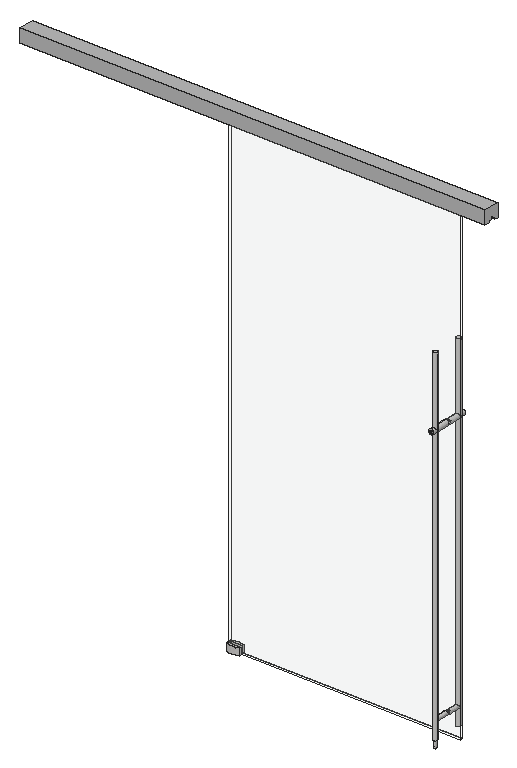
Revit family "Doors_Sliding_Avanti_Systems_Polaris-Auto-Magnetic-Slider_Single-Soffit-Mount-Sgl-Glazed", category Doors, Revit 2026
Family settings
  Classification Number = 23.30.10.00
  Always vertical = Yes
  Cut with Voids When Loaded = No
  Shared = No
  Room Calculation Point = No
Parameters (values of type "Load Family Type Catalog")
  Youtube clip = ""
  Weight Net (Kg) = "0"
  Warranty = "1 year"  # constant formula
  Uniformat II Description = "Interior Doors"
  Uniformat II Code = "C1020"
  Uniclass 2015 Name = "Sliding door and partition sets"
  Uniclass 2015 Code = "Pr_30_59_24_80"
  Uniclass 2.0 Description = "Sliding Door And Partition Sets"
  Uniclass 2.0 Code = "PR-59-23-77"
  Uniclass 1.4 Description = "Doors"
  Uniclass 1.4 Code = "JL20"
  URL = "https://www.avantisystemsusa.com"
  UNSPSC Code = "30171501"
  Type = 1
  Thickness = if(Type = 1, 1/2", if(Type = 2, 3/8", if(Type = 3, 7/16", if(Type = 4, 9/16", 3/4"))))  # 1/2"
  Technical description = ""
  Stainless Steel Finish = "Yes"  # constant formula
  Sound Rating = 0
  Region South America = "All"
  Region Oceania = "All"
  Region North America = "All"
  Region Middle East = "All"
  Region Europe = "All"
  Region Asia = "All"
  Region Antarctica = "All"
  Region Africa = "All"
  Rail material [instance] = Polyester powder - Avanti - White aluminium METALLIC - RAL9006
  Rail Length [instance] = (Opening Width * 2) + 6 5/16"  # 80 5/16"
  QR code = "http://bimobject.com/avantisystems/product/avanti-polaris-auto-magnetic-slider"
  Product url = "https://www.avantisystemsusa.com/glass-products/doors/sliding-doors/automatic-doors/"
  Product group = "Automatic Doors"
  Product family = "Sliding Doors"
  Product data url = "https://bimobject.com/avantisystems/product/avanti-polaris-auto-magnetic-slider"
  Product certification = ""
  Product SKU = "avanti-polaris-auto-magnetic-slider"
  Product Guid = "5e847812-9909-4e74-9d64-870bde1c5a5f"
  Power = 110 V  # constant formula
  Opening Width [instance] = 37"
  OmniClass Description = "Sliding All Glass Doors"
  OmniClass Code = "23-17 11 23 13"
  Nominal width = 0"
  Nominal height = 0"
  NBS Reference Description = "Sliding Door And Partition Sets"
  NBS Reference Code = "59-23-77"
  Model = "Polaris™ Auto Magnetic Slider"  # constant formula
  Material secondary = "Aluminium"
  Material main = "Glass"
  Masterformat 2014 Description = "Sliding Aluminum-Framed Glass Doors"
  Masterformat 2014 Code = "08 32 13"
  Manufacturer name = "Avanti Systems"
  Manufacturer country = ""
  Manufacturer = "Avanti Systems USA"  # constant formula
  Lock = "Thumb turn floor lock with a key"
  Ladder Pull Height [instance] = 18"
  LEED compatibility = "LEED 2009 (v3): MRc3, MRc4, MRc5, MRc7, EQc4.2, EQc8.1 and EQc8.2. LEED v4: MRc1, MRc3, MRc4, MRc8, EQc2, EQc7 and EQc8."  # constant formula
  Installation instructions = ""
  IFC Classification = "Door"
  Hardware material [instance] = Stainless Steel - Avanti- Brushed Finish
  Handle type [instance] = Handle : 60" Ladder Pull
  Glazing = "Safety Glazing SGCC"
  Glass Width [instance] = 40"
  Glass Material = Glass - Avanti - Laminated Glass
  Glass Marker = yes
  Glass Height [instance] = 83.56029"
  Gap Thickness = if(Type = 1, (1 1/4" + 31/128"), if(Type = 2, (1 39/128" + 1/4"), if(Type = 3, (1 35/128" + 1/4"), if(Type = 4, (1 27/128" + 1/4"), (1 15/128" + 1/4")))))  # 1 63/128"
  Function = Interior
  Edition number = 1
  EAN code = ""
  Design country = "United States"
  Description = "The newset innovation in modern interior office entryway design."  # constant formula
  Date of publishing = ""
  Clear Anodic Finish = "ASTM B221 (ASTM B221M)"  # constant formula
  COBIe Type Category = ""
  Brand url = "http://www.avantisystemsusa.com/"
  BIMobject main category code = "doors"
  BIMobject main category = "Doors"
  BIMobject category code = "doors-sliding"
  BIMobject category = "Sliding"
  Analytic Construction = "<None>"
Reference planes (in)
  plane 1 "Center (Front/Back)": y = 0
  plane 2: z = 0
  plane 3 "Center (Left/Right)": x = 3.24894
  plane 4: x = -15.25106
  plane 5: x = 21.74894
  plane 6 "Top": z = 84.14172
  plane 7 "Curtain_wall_center": y = 0
  plane 8 "Curtain_wall_exterior": y = 0.25
  plane 9 "Curtain_wall_interior": y = -0.25
  plane 10 "Doors_exterior": y = 2.24219
  plane 11 "Doors_center": y = 1.99219
  plane 12 "Doors_interior": y = 1.74219
  plane 13 "Door_offset_left": x = -16.75106
  plane 14 "Door_offset_right": x = 23.24894
  plane 15 "Door_offset_top": z = 83.7122
  plane 16 "Handle_placement_top": z = 18
  plane 17 "Handle_placement_level": x = 20.74894
  plane 18: x = -14.76823
  plane 19: z = 0.15191
  plane 20: x = -51.87606
  plane 21: x = 28.43644
  plane 22: z = 51.72792
  plane 23: z = 84.69252
Forms (in)
  Extrusion 1, solid, material "Glass - Avanti - Laminated Glass" <- "Glass Material"
    sketch origin (0, 0, 0) x (1, 0, 0) y (0, 1, 0)
      loop
        line (-16.75106, 2.24219) -> (-16.75106, 1.74219) -> (23.24894, 1.74219) -> (23.24894, 2.24219) -> (-16.75106, 2.24219)
    from 0.15191 to 83.7122
  Extrusion 2, solid, material "Stainless Steel - Avanti- Brushed Finish" <- "Hardware material"
    sketch origin (0, 0, 0) x (1, 0, 0) y (0, 1, 0)
      loop
        arc (-17.01409, 1.47625) -> (-15.89116, 1.27392) -> (-14.76823, 1.47625) r 3.2173
        line (-14.76823, 1.47625) -> (-14.76823, 2.50813)
        arc (-14.76823, 2.50813) -> (-15.89116, 2.73765) -> (-17.01409, 2.50813) r 2.86168
        line (-17.01409, 2.50813) -> (-17.01409, 1.47625)
    from 0 to 1.21575
  Extrusion 3, void
    sketch origin (3.24894, 0, 0) x (0, 1, 0) y (0, 0, 1)
      loop
        line (2.24219, 1.21575) -> (1.74219, 1.21575) -> (1.74219, 0.15191) -> (2.24219, 0.15191) -> (2.24219, 1.21575)
    from -20.26303 to -18.01717
  Sweep 4, solid, material "Polyester powder - Avanti - White aluminium METALLIC - RAL9006" <- "Rail material"
    path origin (0, 0, 11.63779) x (1, 0, 0) y (0, 0, 1)
      loop
        line (28.43644, 71.5) -> (-51.87606, 71.5)
    profile origin (-11.71981, 0, 83.13779) x (0, 0, -1) y (0, -1, 0)
      loop
        line (0.76842, -0.49855) -> (-1.55473, -0.49855) -> (-1.55473, -3.25446) -> (0.76842, -3.25446) -> (0.76842, -2.6639) -> (0.37471, -2.6639) -> (0.37471, -2.24219) -> (0, -2.24219) -> (0, -1.74219) -> (0.41408, -1.74219) -> (0.41408, -1.46705) -> (0.76842, -1.46705) -> (0.76842, -0.49855)
Cuts and joins
  Extrusion 3 cuts Extrusion 2
Lines and regions (in)
  symbolic lines, style "0"
    curve 1: line (-17.01409, 1.47625, 0) -> (-17.01409, 2.50813, 0)
    curve 2: line (-14.76823, 1.47625, 0) -> (-14.76823, 2.50813, 0)
    curve 3: circle (-16.75106, 1.99219, 0) r 0.22256 normal (0, 0, 1)
    curve 4: circle (-16.75106, 1.99219, 0) r 0.13151 normal (0, 0, 1)
    curve 5: circle (-15.03126, 1.99219, 0) r 0.22256 normal (0, 0, 1)
    curve 6: circle (-15.03126, 1.99219, 0) r 0.13151 normal (0, 0, 1)
    curve 7: arc (-15.42624, 1.61788, 0) -> (-15.29429, 1.99219, 0) -> (-15.42624, 2.3665, 0) r 0.59687
    curve 8: arc (-16.35608, 2.3665, 0) -> (-16.48803, 1.99219, 0) -> (-16.35608, 1.61788, 0) r 0.59687
    curve 9: line (-14.76823, 2.3665, 0) -> (-17.01409, 2.3665, 0)
    curve 10: line (-14.76823, 1.61788, 0) -> (-17.01409, 1.61788, 0)
    curve 21: arc (-14.76823, 1.47625, 0) -> (-15.89116, 1.27392, 0) -> (-17.01409, 1.47625, 0) r 3.2173
    curve 35: line (-14.76823, 1.74219, 0) -> (23.24894, 1.74219, 0)
    curve 36: line (23.24894, 1.74219, 0) -> (23.24894, 2.24219, 0)
    curve 37: line (-14.76823, 2.24219, 0) -> (23.24894, 2.24219, 0)
    curve 38: line (3.24894, 2.24219, 0.15191) -> (3.24894, 2.24219, 83.7122)
    curve 39: line (3.24894, 1.74219, 0.15191) -> (3.24894, 2.24219, 0.15191)
    curve 40: line (3.24894, 1.74219, 83.7122) -> (3.24894, 1.74219, 0.15191)
    curve 41: arc (-14.76823, 2.50813, 0) -> (-15.89116, 2.71046, 0) -> (-17.01409, 2.50813, 0) r 3.2173
  symbolic lines, style "0", not visible
    curve 11: line (-11.39483, 5.69093, 0) -> (-11.39483, 4.65905, 0)
    curve 12: line (-13.64069, 5.69093, 0) -> (-13.64069, 4.65905, 0)
    curve 13: circle (-11.65786, 5.17499, 0) r 0.22256 normal (0, 0, 1)
    curve 14: circle (-11.65786, 5.17499, 0) r 0.13151 normal (0, 0, 1)
    curve 15: circle (-13.37767, 5.17499, 0) r 0.22256 normal (0, 0, 1)
    curve 16: circle (-13.37767, 5.17499, 0) r 0.13151 normal (0, 0, 1)
    curve 17: arc (-12.98268, 5.5493, 0) -> (-13.11464, 5.17499, 0) -> (-12.98268, 4.80068, 0) r 0.59687
    curve 18: arc (-12.05285, 4.80068, 0) -> (-11.92089, 5.17499, 0) -> (-12.05285, 5.5493, 0) r 0.59687
    curve 19: line (-13.64069, 4.80068, 0) -> (-11.39483, 4.80068, 0)
    curve 20: line (-13.64069, 5.5493, 0) -> (-11.39483, 5.5493, 0)
    curve 22: arc (-13.64069, 5.69093, 0) -> (-12.51776, 5.89326, 0) -> (-11.39483, 5.69093, 0) r 3.2173
    curve 42: arc (-13.64069, 4.65905, 0) -> (-12.51776, 4.45672, 0) -> (-11.39483, 4.65905, 0) r 3.2173
    curve 43: line (-16.88257, 1.99219, 84.14172) -> (-16.61954, 1.99219, 84.14172)
    curve 44: line (-11.52635, 5.17499, 84.14172) -> (-11.78938, 5.17499, 84.14172)
  symbolic lines, style "0", detail levels medium+fine
    curve 23: circle (20.74894, 4.5161, 0) r 0.39445 normal (0, 0, 1)
    curve 24: line (20.43894, 4.27219, 0) -> (20.43894, 2.24219, 0)
    curve 25: line (21.06195, 4.27606, 0) -> (21.06195, 2.24219, 0)
    curve 26: circle (20.74894, -0.53172, 0) r 0.39445 normal (0, 0, -1)
    curve 27: line (20.43894, -0.28782, 0) -> (20.43894, 1.74219, 0)
    curve 28: line (21.06195, -0.29169, 0) -> (21.06195, 1.74219, 0)
  symbolic lines, style "0", not visible, detail levels medium+fine
    curve 29: circle (20.74894, 4.89891, 0) r 0.39445 normal (0, 0, 1)
    curve 30: line (20.43894, 4.65501, 0) -> (20.43894, 2.625, 0)
    curve 31: line (21.06195, 4.65887, 0) -> (21.06195, 2.625, 0)
    curve 32: circle (20.74894, -0.14891, 0) r 0.39445 normal (0, 0, -1)
    curve 33: line (20.43894, 0.09499, 0) -> (20.43894, 2.125, 0)
    curve 34: line (21.06195, 0.09113, 0) -> (21.06195, 2.125, 0)
  symbolic lines, visible <- "Glass Marker"
    curve 45: line (0.42051, -0.24998, 48.8995) -> (6.07737, -0.24998, 54.55635)
    curve 46: line (3.24894, -0.24998, 49.87997) -> (5.0969, -0.24998, 51.72792)
    curve 47: line (1.40098, -0.24998, 51.72792) -> (3.24894, -0.24998, 53.57588)
  symbolic lines, not visible
    curve 48: line (1.40098, 0.25002, 51.72792) -> (5.0969, 0.25002, 51.72792)
    curve 53: line (-1.84534, 0.25002, 22.66367) -> (1.85057, 0.25002, 22.66367)
  model lines, not visible
    curve 49: line (3.24894, 0.25002, 49.87997) -> (3.24894, 0.25002, 53.57588)
    curve 54: line (0.00262, 0.25002, 20.81572) -> (0.00262, 0.25002, 24.51163)
  symbolic lines, visible <- "Glass Marker", not visible
    curve 50: line (-2.82581, -0.24998, 19.83525) -> (2.83104, -0.24998, 25.4921)
    curve 51: line (0.00262, -0.24998, 20.81572) -> (1.85057, -0.24998, 22.66367)
    curve 52: line (-1.84534, -0.24998, 22.66367) -> (0.00262, -0.24998, 24.51163)
Text (in)
  text "Exterior" at (-45.72835, 31.38743, 0), in view "Ref. Level"
Dimensions and locks (in)
  equal spacing: plane 4, plane 3 "Center (Left/Right)", plane 5  (x2)
  equal spacing: plane 8 "Curtain_wall_exterior", plane 7 "Curtain_wall_center", plane 9 "Curtain_wall_interior"
  equal spacing: plane 10 "Doors_exterior", plane 11 "Doors_center", plane 12 "Doors_interior"
  "Gap Thickness": plane 12 "Doors_interior" to plane 8 "Curtain_wall_exterior"
  locked: plane 5 to plane 14 "Door_offset_right" at 1.5
  locked: plane 13 "Door_offset_left" to plane 4 at 1.5
  "Thickness": plane 10 "Doors_exterior" to plane 12 "Doors_interior"
  "Thickness": plane 8 "Curtain_wall_exterior" to plane 9 "Curtain_wall_interior"
  "Ladder Pull Height": plane 2 to plane 16 "Handle_placement_top"
  locked: plane 17 "Handle_placement_level" to plane 14 "Door_offset_right" at 2.5
  equal spacing: plane 13 "Door_offset_left", plane 3 "Center (Left/Right)", plane 14 "Door_offset_right"
  "Opening Width": plane 4 to plane 5
  locked: plane 4 to plane 18 at 0.48283
  locked: plane 17 "Handle_placement_level" to curve 25 at 0.31301
  locked: plane 17 "Handle_placement_level" to curve 28 at 0.31301
  Extrusion 1 to Extrusion 1 = 1/2"
  locked: plane 5 to plane 21 at 6.6875
  "Rail Length": plane 20 to plane 21
  plane 10 "Doors_exterior" to plane 12 "Doors_interior" = 1/2"
  locked: nested 3 to curve 48 at 7
  locked: plane 2 to plane 19 at 0.15191
  "Glass Height": plane 19 to plane 15 "Door_offset_top"
  "Glass Width": plane 13 "Door_offset_left" to plane 14 "Door_offset_right"
  plane 15 "Door_offset_top" to plane 6 "Top" to plane 23 = 0.42951" locked, 141/256" locked
  aligned and locked: level to plane 2
  aligned and locked: Extrusion 1 sketch curve to plane 10 "Doors_exterior"
  aligned and locked: Extrusion 1 sketch curve to plane 13 "Door_offset_left"
  aligned and locked: plane 12 "Doors_interior" to Extrusion 1 sketch curve
  aligned and locked: plane 14 "Door_offset_right" to Extrusion 1 sketch curve
  aligned and locked: plane 15 "Door_offset_top" to Extrusion 1
  aligned and locked: plane 10 "Doors_exterior" to curve 25
  aligned and locked: plane 10 "Doors_exterior" to curve 24
  aligned and locked: plane 12 "Doors_interior" to curve 28
  aligned and locked: plane 12 "Doors_interior" to curve 27
  aligned and locked: plane 10 "Doors_exterior" to Extrusion 3 sketch curve
  aligned and locked: Extrusion 3 sketch curve to plane 12 "Doors_interior"
  aligned and locked: Extrusion 2 to Extrusion 3 sketch curve
  aligned and locked: curve 38 to Extrusion 1
  aligned and locked: curve 39 to cut or joined group of Extrusion 2, Extrusion 3
  aligned and locked: curve 40 to cut or joined group of Extrusion 2, Extrusion 3
  aligned and locked: cut or joined group of Extrusion 2, Extrusion 3 to plane 2
  aligned and locked: plane 21 to Sweep 4 sketch curve
  aligned and locked: plane 20 to Sweep 4 sketch curve
  aligned and locked: Sweep 4 sketch curve to nested 1  (x4)
  aligned and locked: cut or joined group of Extrusion 2, Extrusion 3 to plane 18
  aligned and locked: plane 15 "Door_offset_top" to curve 38
  aligned and locked: plane 15 "Door_offset_top" to curve 40
  aligned and locked: curve 43 to plane 11 "Doors_center"
  aligned and locked: Extrusion 1 to cut or joined group of Extrusion 2, Extrusion 3
  aligned and locked: plane 22 to curve 48
  aligned and locked: plane 3 "Center (Left/Right)" to curve 49
  aligned and locked: plane 11 "Doors_center" to nested 1
  aligned and locked: Sweep 4 sketch curve to plane 10 "Doors_exterior"
  aligned and locked: plane 12 "Doors_interior" to Sweep 4 sketch curve
  aligned and locked: plane 3 "Center (Left/Right)" to nested 2
  aligned and locked: plane 3 "Center (Left/Right)" to nested 3
  aligned and locked: plane 19 to Extrusion 1
  aligned and locked: plane 23 to nested 1
  aligned and locked: Sweep 4 to plane 23
  aligned and locked: curve 1 to cut or joined group of Extrusion 2, Extrusion 3
  aligned and locked: plane 17 "Handle_placement_level" to nested 4
  aligned and locked: plane 2 to nested 4
  aligned and locked: plane 10 "Doors_exterior" to nested 4
Automatic sketch dimensions
  curve 35 to plane 12 "Doors_interior" = 0"
  curve 35 to plane 18 = 0"
  curve 37 to plane 10 "Doors_exterior" = 0"
  curve 37 to plane 18 = 0"
  Extrusion 2 sketch curve to plane 18 = 0"
  plane 4 to Extrusion 2 sketch curve = 0.6401"  (x2)
  plane 1 "Center (Front/Back)" to Extrusion 2 sketch curve = 0.12403"
  plane 13 "Door_offset_left" to Extrusion 2 sketch curve = 0.26303"
  Extrusion 2 sketch curve to plane 12 "Doors_interior" = 0.26594"
  plane 10 "Doors_exterior" to Extrusion 2 sketch curve = 0.26594"
  plane 10 "Doors_exterior" to Extrusion 2 sketch curve = 2.24903"
  curve 3 to curve 4 = 0"  (x4)
  curve 5 to curve 6 = 0"  (x4)
  curve 7 to curve 8 = 0"  (x4)
  curve 9 to curve 6 = 0.26303"
  curve 5 to curve 8 = 0.8599"
  curve 2 to curve 21 = 1.12293"
  curve 3 to curve 1 = 0.26303"
  curve 21 to curve 5 = 2.49903"
  curve 7 to curve 5 = 0"
  curve 4 to curve 7 = 0"
  curve 3 to curve 1 = 0.51594"
  curve 21 to curve 41 = 1.98308"
  curve 5 to curve 7 = 0.39498"  (x2)
  curve 8 to curve 3 = 0.39498"
  curve 2 to curve 5 = 0.51594"
  curve 1 to curve 3 = 0.51594"
  curve 41 to curve 9 = 0.14163"
  level to Extrusion 3 sketch curve = 0.15191"
  curve 41 to curve 8 = 0.46492"
  curve 13 to curve 14 = 0"  (x4)
  curve 15 to curve 16 = 0"  (x4)
  curve 17 to curve 18 = 0"  (x4)
  curve 19 to curve 16 = 0.26303"
  curve 15 to curve 18 = 0.8599"
  curve 12 to curve 22 = 1.12293"
  curve 13 to curve 11 = 0.26303"
  curve 22 to curve 15 = 2.49903"
  curve 17 to curve 15 = 0"
  curve 14 to curve 17 = 0"
  curve 13 to curve 11 = 0.51594"
  curve 22 to curve 42 = 1.98308"
  curve 15 to curve 17 = 0.39498"  (x2)
  curve 18 to curve 13 = 0.39498"
  curve 12 to curve 15 = 0.51594"
  curve 11 to curve 13 = 0.51594"
  curve 42 to curve 19 = 0.14163"
  curve 42 to curve 18 = 0.46492"
  Sweep 4 sketch curve to profile plane = 0"
  Sweep 4 sketch curve to Sweep 4 sketch curve = 0.39371"
  Sweep 4 sketch curve to Sweep 4 sketch curve = 0.35434"
  plane 6 "Top" to Sweep 4 sketch curve = 1 1/256"
  curve 43 to curve 43 = 0.26303"
  curve 44 to curve 44 = 0.26303"
  profile plane to Sweep 4 sketch curve = 1.55473"
  Sweep 4 sketch curve to profile plane = 0.37471"
  Sweep 4 sketch curve to profile plane = 53/128"
  curve 36 to plane 14 "Door_offset_right" = 0"
  radius of curve 3 = 0.22256"
  radius of curve 4 = 0.13151"
  radius of curve 5 = 0.22256"
  radius of curve 6 = 0.13151"
  radius of curve 13 = 0.22256"
  radius of curve 14 = 0.13151"
  radius of curve 15 = 0.22256"
  radius of curve 16 = 0.13151"
Nested families (in)
  nested 1: "Rail-Detail" at (3.24894, 1.91833, 83.51141) x (0, 1, 0) z (1, 0, 0), type "Rail-Detail"
    with Thickness 1/2", Half Thickness 1/4"
  nested 2: "Arrow" at (3.24894, 5.3665, 0), type "arrow"
  nested 3: "Arrow" at (3.24894, 0, 58.72792) x (1, 0, 0) z (0, -1, 0), type "arrow"
  nested 4: "Handle" at (22.37394, 3.61719, 38) x (-1, 0, 0) z (0, 1, 0), type <- "Handle type", type "60" Ladder Pull", detail levels medium+fine
    with Locker yes
Definition of nested family "Handle"
  Parameters (values of type "48" Ladder Pull")
    Width = 54.28299"
    Type = 3
    Ladder Pool Height = 18"
    Ladder 60" = if(Type = 5, 1 = 1, 1 = 0)  # no
    Ladder = if(Type = 3, 1 = 1, 1 = 0)  # yes
    Thickness = 1/2"
    Panic hardware = if(Type = 4, 1 = 1, 1 = 0)  # no
    Material = none
    Locker [instance] = yes
    Height = 90 9/16"
    Glass door = if(Type = 2, 1 = 1, 1 = 0)  # no
    Framed door = if(Type = 1, 1 = 1, 1 = 0)  # no
    Default Elevation = 48"
  Types (2): name | Type | Ladder 60" | Ladder
    60" Ladder Pull | 5 | yes | no
    48" Ladder Pull | 3 | no | yes
  Reference planes (in)
    plane 1 "Center (Front/Back)": y = 0
    plane 2: z = 0
    plane 3 "Center (Left/Right)": x = 0
    plane 4 "door_up": z = -1.375
    plane 5 "door_down": z = -1.875
    plane 6: z = -3.25
    plane 7: x = -1.25
    plane 8: x = -43.31449
    plane 9: x = -46.03299
    plane 10: x = -43.31449
    plane 11: y = 51.9375
    plane 12: y = 0.625
    plane 13: y = 11.125
    plane 14: y = 52.5625
    plane 15: y = -38
    plane 16: x = -50.15799
    plane 17 "door": x = 4.125
    plane 18: x = 1.625
    plane 19: y = -20
  Forms (in)
    Sweep 1, solid, material <- "Material", visible <- "Panic hardware"
      path origin (0, 0, 0) x (1, 0, 0) y (0, 1, 0)
        loop
          line (-1.25, 51.9375) -> (-1.25, 4.25)
          arc (-1.25, 4.25) -> (-2.12868, 2.12868) -> (-4.25, 1.25) r 3
          line (-4.25, 1.25) -> (-43.31449, 1.25)
      profile origin (-1.25, 28.09375, 0) x (1, 0, 0) y (0, 0, 1)
        loop
          circle (0.625, 0.625) r 0.625
    Sweep 2, solid, material <- "Material", visible <- "Panic hardware"
      path origin (0, 0, 0) x (1, 0, 0) y (0, 0, 1)
        loop
          line (-43.31449, 0) -> (-44.06449, 0)
          arc (-44.06449, 0) -> (-44.57255, -0.21044) -> (-44.78299, -0.7185) r 0.7185
          line (-44.78299, -0.7185) -> (-44.78299, -1.375)
      profile origin (-43.68949, 0, 0) x (0, 0, -1) y (0, -1, 0)
        loop
          circle (-0.625, -0.625) r 0.625
    Sweep 3, solid, material <- "Material", visible <- "Panic hardware"
      path origin (0, 0, -6.75) x (1, 0, 0) y (0, 0, -1)
        loop
          line (-43.31449, -3.5) -> (-44.06449, -3.5)
          arc (-44.06449, -3.5) -> (-44.57255, -3.71044) -> (-44.78299, -4.2185) r 0.7185
          line (-44.78299, -4.2185) -> (-44.78299, -4.875)
      profile origin (-43.68949, 0, -3.25) x (0, 0, -1) y (0, -1, 0)
        loop
          circle (0.625, -0.625) r 0.625
    Sweep 4, solid, material <- "Material", visible <- "Panic hardware"
      path origin (-30, 0, -6.75) x (-1, 0, 0) y (0, 0, -1)
        loop
          line (13.31449, -3.5) -> (-28.0315, -3.5)
          arc (-28.0315, -3.5) -> (-28.53956, -3.71044) -> (-28.75, -4.2185) r 0.7185
          line (-28.75, -4.2185) -> (-28.75, -4.875)
      profile origin (-22.6415, 0, -3.25) x (0, 0, 1) y (0, -1, 0)
        loop
          circle (-0.625, -0.625) r 0.625
  Cuts and joins
    joined: Sweep 1, Sweep 2
    joined: Sweep 3, Sweep 4
  Dimensions and locks (in)
    "Thickness": plane 5 "door_down" to plane 4 "door_up"
    locked: plane 3 "Center (Left/Right)" to plane 7 at 1.25
    locked: plane 9 to plane 8 at 2.7185
    locked: plane 9 to Sweep 3 sketch curve at 1.25
    locked: Sweep 2 sketch curve to plane 9 at 1.25
    locked: plane 10 to plane 9 at 2.7185
    locked: Sweep 1 sketch curve to plane 1 "Center (Front/Back)" at 1.25
    locked: plane 3 "Center (Left/Right)" to nested 1 at 0.125
    locked: plane 4 "door_up" to plane 2 at 1.375
    locked: plane 6 to plane 5 "door_down" at 1.375
    locked: plane 12 to plane 1 "Center (Front/Back)" at 0.625
    locked: plane 13 to plane 12 at 10.5
    locked: plane 14 to plane 11 at 0.625
    "Height": plane 14 to plane 15
    locked: plane 1 "Center (Front/Back)" to plane 15 at 38
    locked: plane 3 "Center (Left/Right)" to plane 17 "door" at 4.125
    "Width": plane 16 to plane 17 "door"
    locked: plane 16 to plane 10 at 6.8435
    locked: plane 18 to plane 17 "door" at 2.5
    "Ladder Pool Height": plane 19 to plane 15
    aligned and locked: level to plane 2
    aligned and locked: plane 4 "door_up" to cut or joined group of Sweep 1, Sweep 2
    aligned and locked: Sweep 2 sketch curve to plane 4 "door_up"
    aligned and locked: Sweep 3 sketch curve to plane 5 "door_down"
    aligned and locked: plane 6 to Sweep 3 sketch curve
    aligned and locked: plane 7 to Sweep 4 sketch curve
    aligned and locked: Sweep 4 sketch curve to plane 6
    aligned and locked: plane 8 to Sweep 4 sketch curve
    aligned and locked: plane 8 to Sweep 3 sketch curve
    aligned and locked: plane 10 to Sweep 2 sketch curve
    aligned and locked: plane 10 to Sweep 1 sketch curve
    aligned and locked: plane 11 to Sweep 1 sketch curve
    aligned and locked: plane 5 "door_down" to Sweep 4 sketch curve
    aligned and locked: nested 1 to plane 4 "door_up"
    aligned and locked: plane 13 to nested 1
    aligned and locked: nested 2 to plane 4 "door_up"
    aligned and locked: plane 3 "Center (Left/Right)" to nested 2
    aligned and locked: nested 2 to plane 11
    aligned and locked: nested 2 to plane 14
    aligned and locked: plane 18 to nested 3
    aligned and locked: plane 1 "Center (Front/Back)" to nested 3
    aligned and locked: nested 4 to plane 18
    aligned and locked: nested 4 to plane 1 "Center (Front/Back)"
    aligned and locked: nested 5 to plane 4 "door_up"
    aligned and locked: nested 5 to plane 17 "door"
    aligned and locked: nested 5 to plane 1 "Center (Front/Back)"
    aligned and locked: nested 6 to plane 4 "door_up"
    aligned and locked: plane 5 "door_down" to nested 7
    aligned and locked: nested 7 to plane 19
    aligned and locked: plane 19 to nested 6
    aligned and locked: nested 6 to plane 18
    aligned and locked: nested 7 to plane 18
    aligned and locked: plane 4 "door_up" to nested 8
    aligned and locked: plane 15 to nested 8
    aligned and locked: plane 5 "door_down" to nested 9
    aligned and locked: nested 9 to plane 15
    aligned and locked: plane 18 to nested 8
    aligned and locked: plane 18 to nested 9
  Nested families (in)
    nested 1: "Family2" at (-1.125, 11.125, 0.22234), visible <- "Panic hardware", type "Family2"
      with Lock yes
    nested 2: "Family3" at (-0.26102, 51.9375, -1.63602), visible <- "Panic hardware", type "Family3"
      with Thickness 1/2"
    nested 3: "Handle Timber" at (1.625, 0, -1.875), Locker <- "Locker", visible <- "Framed door", type "Handle Timber"
      with Locker yes
    nested 4: "Handle Timber" at (1.625, 0, -1.375) x (1, 0, 0) z (0, 0, -1), Locker <- "Locker", visible <- "Framed door", type "Handle Timber"
      with Locker yes
    nested 5: "Hinged Framed Swing locker" at (3.22214, -1.5625, -5.625), Handle and assembly material <- "Material", visible <- "Glass door", type "Hinged Framed Swing locker"
      with Handle and assembly material none
    nested 6: "Handle_For-Glass_Rounded_600mm" at (1.625, 13.36577, -1.375) x (-1, 0, 0) z (0, 0, -1), Handle Material <- "Material", visible <- "Ladder", type "Handle_For-Glass_Rounded_600mm"
      with Handle Material none, Handle Height 48"
    nested 7: "Handle_For-Glass_Rounded_600mm" at (1.625, -5.36577, -1.875) x (-1, 0, 0) z (0, 0, 1), Handle Material <- "Material", visible <- "Ladder", type "Handle_For-Glass_Rounded_600mm"
      with Handle Material none, Handle Height 48"
    nested 8: "Handle_For-Glass_Rounded_60in" at (1.625, 2.47039, -1.375), visible <- "Ladder 60"", Handle Material <- "Material", type "60""
      with No locker yes, Locker no, Handle Material none, Handle Height 60"
    nested 9: "Handle_For-Glass_Rounded_60in2" at (1.625, 2.47039, -1.875), visible <- "Ladder 60"", Handle Material <- "Material", type "60""
      with No locker no, Locker yes, Handle Material none, Handle Height 60"
  Definition of nested family "Family2"
    Parameters (values of type "Family2")
      Thickness = 1/2"
      Material = none
      Lock = no
      Default Elevation = 0"
    Reference planes (in)
      plane 1 "Center (Front/Back)": y = 0
      plane 2: z = 0
      plane 3 "Center (Left/Right)": x = 0
      plane 4: z = -2.09734
      plane 5: z = -1.59734
    Forms (in)
      Extrusion 1, solid, material <- "Material"
        sketch origin (0, 0, 0) x (0, 1, 0) y (0, 0, 1)
          loop
            line (5.04078, -0.345) -> (5.04078, 0) -> (-2.39922, 0) -> (-2.39922, -0.345) -> (5.04078, -0.345)
        from 0 to 1
      Extrusion 2, solid, material <- "Material"
        sketch origin (0, 0, 0) x (0, 1, 0) y (0, 0, 1)
          loop
            line (-0.3074, -0.345) -> (-1.4374, -0.345) -> (-1.4374, -1.31734) -> (-0.3074, -1.31734) -> (-0.3074, -0.345)
        from 0.32565 to 0.66353
      Extrusion 3, solid, material <- "Material"
        sketch origin (0, 0, 0) x (0, 1, 0) y (0, 0, 1)
          loop
            line (-1.4374, -1.31734) -> (-1.4374, -1.59734) -> (1.43807, -1.59734) -> (1.43807, -1.31734) -> (-1.4374, -1.31734)
          loop
            line (1.45803, -2.09734) -> (-1.41697, -2.09734) -> (-1.41697, -3.82961)
            arc (-1.41697, -3.82961) -> (-1.36191, -3.96254) -> (-1.22897, -4.01761) r 0.188
            line (-1.22897, -4.01761) -> (1.27003, -4.01761)
            arc (1.27003, -4.01761) -> (1.40297, -3.96254) -> (1.45803, -3.82961) r 0.188
            line (1.45803, -3.82961) -> (1.45803, -2.09734)
        from 0 to 1
      Extrusion 4, solid, material <- "Material"
        sketch origin (0, 0, 0) x (0, 1, 0) y (0, 0, 1)
          loop
            arc (-3.2641, -0.65221) -> (-3.242, -0.64306) -> (-3.23285, -0.62096) r 0.03125
            line (-3.23285, -0.62096) -> (-3.23285, 0) -> (-3.4516, 0) -> (-3.4516, -0.62096)
            arc (-3.4516, -0.62096) -> (-3.44244, -0.64306) -> (-3.42035, -0.65221) r 0.03125
            line (-3.42035, -0.65221) -> (-3.2641, -0.65221)
        from 0.32565 to 0.66353
      Extrusion 5, solid, material <- "Material", visible <- "Lock"
        sketch origin (1, 0, 0) x (0, 1, 0) y (0, 0, 1)
          loop
            circle (0.20853, -3.12734) r 0.58
          loop
            circle (0.20853, -3.12734) r 0.5625
          loop
            circle (-0.07272, -3.12734) r 0.22671
        from 0 to 0.25
      Extrusion 6, solid, material <- "Material", visible <- "Lock"
        sketch origin (1, 0, 0) x (0, 1, 0) y (0, 0, 1)
          loop
            circle (0.20853, -3.12734) r 0.5625
        from 0 to 0.20472
      Extrusion 7, solid, material <- "Material", visible <- "Lock", not visible
        sketch origin (1, 0, 0) x (0, 1, 0) y (0, 0, 1)
          loop
            circle (0.20853, -3.12734) r 0.58
          loop
            circle (0.20853, -3.12734) r 0.5625
          loop
            circle (-0.07272, -3.12734) r 0.22671
        from 0 to 0.25
      Extrusion 8, solid, material <- "Material", visible <- "Lock", not visible
        sketch origin (1, 0, 0) x (0, 1, 0) y (0, 0, 1)
          loop
            circle (0.20853, -3.12734) r 0.5625
        from 0 to 0.20472
    Lines and regions (in)
      model lines, not visible
        curve 1: line (0, -0.35397, -3.12734) -> (0, 0.39603, -3.12734)
        curve 2: line (0, -0.35397, -3.12734) -> (0, 0.39603, -3.12734)
    Dimensions and locks (in)
      "Thickness": plane 4 to plane 5
      locked: plane 5 to plane 2 at 1.59734
      aligned and locked: level to plane 2
      aligned and locked: plane 5 to Extrusion 3 sketch curve
      aligned and locked: Extrusion 3 sketch curve to Extrusion 2
      aligned and locked: Extrusion 3 sketch curve to plane 4
  Definition of nested family "Family3"
    Parameters (values of type "Family3")
      Thickness = 0.50125"
      Material = none
      Default Elevation = 0"
    Reference planes (in)
      plane 1 "Center (Front/Back)": y = 0
      plane 2: z = 0
      plane 3 "Center (Left/Right)": x = 0
      plane 4: z = 0.26102
      plane 5: z = -0.24023
    Forms (in)
      Extrusion 1, solid, material <- "Material"
        sketch origin (-0.98898, 0.625, 0.26102) x (0, 0, -1) y (0, 1, 0)
          loop
            line (-0.28125, 0.125) -> (-0.28125, -2.375) -> (0, -2.375) -> (0, 0) -> (0.50125, 0) -> (0.50125, -2.37518) -> (0.78125, -2.37518) -> (0.78125, 0.125) -> (-0.28125, 0.125)
        from 0 to 1.25
      Revolve 2, solid, material <- "Material"
        sketch origin (-0.36398, 0.615, 0.26102) x (0, 0, -1) y (0, 1, 0)
          loop
            line (-0.28125, -0.615) -> (-1.5092, -0.615) -> (-1.5092, -0.995) -> (-0.28125, -0.995) -> (-0.28125, -0.615)
          axis (-1.5092, -0.995) -> (-0.28125, -0.995)
        angle from 0 to 360
    Dimensions and locks (in)
      "Thickness": plane 4 to plane 5
      locked: Extrusion 1 to plane 4 at 0.28125
      locked: plane 5 to Extrusion 1 at 0.28
      aligned and locked: level to plane 2
      aligned and locked: Extrusion 1 to plane 4
      aligned and locked: plane 5 to Extrusion 1
  Definition of nested family "Handle Timber"
    Parameters (values of type "Handle Timber")
      Locker [instance] = yes
      Handle material = none
      Default Elevation = 48"
    Reference planes (in)
      plane 1 "Center (Front/Back)": y = 0
      plane 2: z = 0
      plane 3 "Center (Left/Right)": x = 0
    Forms (in)
      Extrusion 1, solid, material <- "Handle material"
        sketch origin (0, 0.00944, 0.00975) x (-1, 0, 0) y (0, -1, 0.00026)
          loop
            line (0.82036, -6.01526) -> (0.82036, -4.11121)
            arc (0.82036, -4.11121) -> (0, -3.29085) -> (-0.82036, -4.11121) r 0.82036
            line (-0.82036, -4.11121) -> (-0.82036, -6.01526)
            arc (-0.82036, -6.01526) -> (0, -6.83563) -> (0.82036, -6.01526) r 0.82036
          loop
            line (0.82036, -0.95129) -> (0.82036, 0.95276)
            arc (0.82036, 0.95276) -> (0, 1.77313) -> (-0.82036, 0.95276) r 0.82036
            line (-0.82036, 0.95276) -> (-0.82036, -0.95129)
            arc (-0.82036, -0.95129) -> (0, -1.77165) -> (0.82036, -0.95129) r 0.82036
        from -0.36 to -0.00798
      Sweep 2, solid, material <- "Handle material"
        path origin (0, 0.00944, 0.00975) x (-1, 0, 0) y (0, 0.00026, 1)
          loop
            line (0.00372, -0.36) -> (0.00372, -2.13165)
            arc (0.00372, -2.13165) -> (0.19244, -2.58727) -> (0.64805, -2.77599) r 0.64433
            line (0.64805, -2.77599) -> (4.19136, -2.77599)
            arc (4.19136, -2.77599) -> (4.78191, -2.53137) -> (5.02652, -1.94082) r 0.83517
            line (5.02652, -1.94082) -> (5.02652, -0.63757)
        profile origin (-0.00372, 0.00911, -1.23607) x (-1, 0, 0) y (0, 1, -0.00026)
          loop
            circle (0, 0) r 0.3937
      Extrusion 3, solid, material <- "Handle material", visible <- "Locker"
        sketch origin (0, 0.00944, 0.00975) x (-1, 0, 0) y (0, -1, 0.00026)
          loop
            line (0.82009, 4.11958) -> (0.82408, 6.02363)
            arc (0.82408, 6.02363) -> (0.00543, 6.84571) -> (-0.81665, 6.02706) r 0.82036
            line (-0.81665, 6.02706) -> (-0.82063, 4.12301)
            arc (-0.82063, 4.12301) -> (-0.00199, 3.30093) -> (0.82009, 4.11958) r 0.82036
        from -0.36 to -0.01061
    Lines and regions (in)
      reference lines
        curve 1: line (0, 6.84506, 0) -> (0, -6.83627, 0)
        curve 2: line (-5.42022, 0.00893, 0) -> (0.82036, 0.00893, 0)
    Dimensions and locks (in)
      aligned and locked: level to plane 2
  Definition of nested family "Hinged Framed Swing locker"
    Parameters (values of type "Hinged Framed Swing locker")
      Thickness = 1/2"
      Lock = yes
      Handle and assembly material [instance] = none
      Default Elevation = 0"
    Reference planes (in)
      plane 1 "Center (Front/Back)": y = 0
      plane 2: z = 0
      plane 3 "Center (Left/Right)": x = 0
      plane 4: y = 0.59375
      plane 5: y = -0.59375
      plane 6: x = -1
      plane 7: x = 1
      plane 8: y = 0.25
      plane 9: y = -0.25
      plane 10: x = 1.5
      plane 11: z = 8
      plane 12: z = 4.6875
      plane 13: z = 3.6875
      plane 14: z = 3.125
      plane 15: x = 1.38539
      plane 16: z = 2.79297
      plane 17: y = 0.25
      plane 18: y = -0.25
      plane 19: x = 0.90286
      plane 20: z = 6.0625
      plane 21: y = -0.84375
      plane 22: y = -0.80275
      plane 23 "handle_center": z = 2.4375
      plane 24: x = -4.375
      plane 25: y = -1.23355
      plane 26: z = 2.69544
      plane 27: z = 2.17956
      plane 28: y = -2.05222
      plane 29: y = -2.71875
      plane 30: z = 2.69544
      plane 31: z = 2.17956
      plane 32: z = 4.25
      plane 33: z = 3.75
      plane 34: z = 4
    Forms (in)
      Extrusion 1, solid, material <- "Handle and assembly material"
        sketch origin (0, -4, 4) x (1, 0, 0) y (0, 0, -1)
          loop
            line (-1, 0.59375) -> (-1, 0.25) -> (0.90286, 0.25) -> (0.90286, -0.25) -> (-1, -0.25) -> (-1, -0.59375) -> (1, -0.59375) -> (1, 0.59375) -> (-1, 0.59375)
        from 0 to 8
      Extrusion 2, solid, material <- "Handle and assembly material", detail levels fine
        sketch origin (0, -4, 4) x (1, 0, 0) y (0, 0, -1)
          loop
            line (1, 0.25) -> (1, -0.25)
            arc (1, -0.25) -> (1.27121, -0.02121) -> (1.5, 0.25) r 2.09856
            line (1.5, 0.25) -> (1, 0.25)
        from 3.6875 to 4.6875
      Extrusion 3, solid, material <- "Handle and assembly material", detail levels fine
        sketch origin (0, -4, 4) x (1, 0, 0) y (0, 0, -1)
          loop
            line (1, 0.25) -> (1, -0.25)
            arc (1, -0.25) -> (1.0598, -0.20427) -> (1.0921, -0.13627) r 0.16012
            arc (1.0921, -0.13627) -> (1.11202, -0.10046) -> (1.14874, -0.08227) r 0.06897
            line (1.14874, -0.08227) -> (1.30312, -0.08227)
            arc (1.30312, -0.08227) -> (1.36129, -0.05818) -> (1.38539, 0) r 0.08227
            arc (1.38539, 0) -> (1.36129, 0.05818) -> (1.30312, 0.08227) r 0.08227
            line (1.30312, 0.08227) -> (1.14874, 0.08227)
            arc (1.14874, 0.08227) -> (1.11202, 0.10046) -> (1.0921, 0.13627) r 0.06897
            arc (1.0921, 0.13627) -> (1.0598, 0.20427) -> (1, 0.25) r 0.16012
        from 2.79297 to 3.125
      Extrusion 4, solid, material <- "Handle and assembly material", visible <- "Lock", detail levels medium+fine
        sketch origin (1, -4, 4.59375) x (-1, 0, 0) y (0, -1, 0)
          loop
            circle (1, -6.0625) r 0.63654
          loop
            circle (1, -6.0625) r 0.60041
        from 0 to 0.25
      Extrusion 5, solid, material <- "Handle and assembly material", visible <- "Lock", detail levels medium+fine
        sketch origin (1, -4, 4.59375) x (-1, 0, 0) y (0, -1, 0)
          loop
            circle (1, -6.0625) r 0.60041
        from 0 to 0.209
      Blend 6, solid, material <- "Handle and assembly material", visible <- "Lock", detail levels fine
        base sketch origin (1, -4, 4.80275) x (-1, 0, 0) y (0, -1, 0)
          loop
            circle (1, -5.84645) r 0.21605
        top sketch origin (1, -4, 4.80275) x (-1, 0, 0) y (0, -1, 0)
          loop
            circle (1, -5.84645) r 0.19257
        from 0 to 0.041
      Extrusion 7, solid, material <- "Handle and assembly material"
        sketch origin (1, -4, 4.59375) x (-1, 0, 0) y (0, -1, 0)
          loop
            circle (1, -2.4375) r 0.35547
        from 0 to 1.45847
      Extrusion 8, void
        sketch origin (0.04357, -4.04543, 4) x (0, 0, -1) y (-0.017452, 0.999848, 0)
          loop
            line (-1.23355, 2.79297) -> (-1.23355, 2.90667) -> (-2.86779, 2.90667) -> (-2.86779, 2.69544) -> (-1.36779, 2.69544)
            arc (-1.36779, 2.69544) -> (-1.28242, 2.71908) -> (-1.23355, 2.79297) r 0.12635
        from -3.60215 to 0.49573
      Extrusion 9, solid, material <- "Handle and assembly material"
        sketch origin (1, -4, 4.59375) x (-1, 0, 0) y (0, -1, 0)
          loop
            arc (0.71851, -2.22043) -> (0.66353, -2.32283) -> (0.64453, -2.4375) r 0.35547
            arc (0.64453, -2.4375) -> (0.66353, -2.55217) -> (0.71851, -2.65457) r 0.35547
            line (0.71851, -2.65457) -> (5.3098, -2.57443) -> (5.375, -2.50923) -> (5.375, -2.36577) -> (5.3098, -2.30057) -> (0.71851, -2.22043)
        from 1.45847 to 2.125
      Extrusion 10, void
        sketch origin (0.04357, 0.92043, 4) x (0, 0, -1) y (0.017452, 0.999848, 0)
          loop
            arc (-1.23355, -2.79297) -> (-1.28242, -2.71908) -> (-1.36779, -2.69544) r 0.12635
            line (-1.36779, -2.69544) -> (-2.86779, -2.69544) -> (-2.86779, -2.90667) -> (-1.23355, -2.90667) -> (-1.23355, -2.79297)
        from -3.60215 to 0.49573
      Extrusion 11, solid, material <- "Handle and assembly material"
        sketch origin (1, -4, 3.40625) x (0, 1, 0) y (1, 0, 0)
          loop
            circle (2.4375, -1) r 0.35547
        from 0 to 1.45847
      Extrusion 12, void
        sketch origin (0.04357, -4.04543, 4) x (0, 0, 1) y (0.017452, -0.999848, 0)
          loop
            arc (-1.23355, -2.79297) -> (-1.28242, -2.71908) -> (-1.36779, -2.69544) r 0.12635
            line (-1.36779, -2.69544) -> (-2.86779, -2.69544) -> (-2.86779, -2.90667) -> (-1.23355, -2.90667) -> (-1.23355, -2.79297)
        from -3.60215 to 0.49573
      Extrusion 13, solid, material <- "Handle and assembly material"
        sketch origin (1, -4, 3.40625) x (0, 1, 0) y (1, 0, 0)
          loop
            line (2.22043, -0.71851) -> (2.30057, -5.3098) -> (2.36577, -5.375) -> (2.50923, -5.375) -> (2.57443, -5.3098) -> (2.65457, -0.71851)
            arc (2.65457, -0.71851) -> (2.55217, -0.66353) -> (2.4375, -0.64453) r 0.35547
            arc (2.4375, -0.64453) -> (2.32283, -0.66353) -> (2.22043, -0.71851) r 0.35547
        from 1.45847 to 2.125
      Extrusion 14, void
        sketch origin (0.04357, 0.92043, 4) x (0, 0, 1) y (-0.017452, -0.999848, 0)
          loop
            line (-1.23355, 2.79297) -> (-1.23355, 2.90667) -> (-2.86779, 2.90667) -> (-2.86779, 2.69544) -> (-1.36779, 2.69544)
            arc (-1.36779, 2.69544) -> (-1.28242, 2.71908) -> (-1.23355, 2.79297) r 0.12635
        from -3.60215 to 0.49573
    Cuts and joins
      Extrusion 8, Extrusion 10, Extrusion 12, Extrusion 14 cuts Extrusion 7
      Extrusion 10, Extrusion 12, Extrusion 14 cuts Extrusion 9
      joined: Extrusion 7, Extrusion 9
      Extrusion 12, Extrusion 14 cuts Extrusion 11
      Extrusion 12 cuts Extrusion 13
      joined: Extrusion 11, Extrusion 13
    Lines and regions (in)
      reference lines
        curve 1: line (0.35547, -1.5625, 0) -> (-4.39453, -1.5625, 0)
    Dimensions and locks (in)
      plane 4 to plane 5 = 1 3/16"
      plane 6 to plane 7 = 2"
      plane 11 to plane 2 = 8"
      plane 11 to plane 12 to plane 13 to plane 14 to plane 16 = 3 5/16" locked, 1" locked, 9/16" locked, 85/256" locked
      equal spacing: plane 17, plane 1 "Center (Front/Back)", plane 18
      "Thickness": plane 17 to plane 18
      locked: plane 19 to plane 7 at 0.09714
      locked: plane 15 to plane 10 at 0.11461
      equal spacing: plane 6, plane 3 "Center (Left/Right)", plane 7
      locked: plane 11 to plane 20 at 1.9375
      locked: plane 5 to plane 21 at 0.25
      locked: plane 22 to plane 21 at 0.041
      locked: plane 11 to plane 23 "handle_center" at 5.5625
      locked: plane 24 to plane 7 at 5.375
      locked: plane 5 to plane 29 at 2.125
      "Thickness": plane 32 to plane 33
      locked: Extrusion 1 to plane 32 at 0.34375
      locked: plane 33 to Extrusion 1 at 0.34375
      aligned and locked: level to plane 2
      aligned and locked: Extrusion 1 sketch curve to plane 6  (x2)
      aligned and locked: plane 7 to Extrusion 1 sketch curve
      aligned and locked: plane 7 to Extrusion 3 sketch curve  (x2)
      aligned and locked: plane 15 to Extrusion 3 sketch curve
      aligned and locked: plane 7 to Extrusion 2 sketch curve  (x2)
      aligned and locked: plane 10 to Extrusion 2 sketch curve
      aligned and locked: plane 19 to Extrusion 1 sketch curve
      aligned and locked: Extrusion 1 to plane 32
      aligned and locked: plane 33 to Extrusion 1
    Automatic sketch dimensions
      Extrusion 1 sketch curve to plane 12 = 3/32"
      Extrusion 1 sketch curve to Extrusion 1 sketch curve = 11/32"
      plane 13 to Extrusion 1 sketch curve = 1/16"
      Extrusion 1 sketch curve to plane 13 = 9/32"
      plane 23 "handle_center" to Extrusion 2 sketch curve = 0.09981"
      Extrusion 2 sketch curve to plane 3 "Center (Left/Right)" = 0.21269"
      plane 13 to Extrusion 2 sketch curve = 1/16"
      Extrusion 3 sketch curve to Extrusion 3 sketch curve = 0"  (x2)
      plane 19 to Extrusion 3 sketch curve = 0.0325"  (x2)
      Extrusion 3 sketch curve to plane 7 = 0.14874"  (x2)
      Extrusion 3 sketch curve to Extrusion 3 sketch curve = 0.01087"  (x2)
      Extrusion 3 sketch curve to Extrusion 3 sketch curve = 0.08227"
      Extrusion 3 sketch curve to plane 12 = 7/16"
      Extrusion 3 sketch curve to Extrusion 3 sketch curve = 0.09962"
      Extrusion 3 sketch curve to Extrusion 3 sketch curve = 0.1465"
      Extrusion 3 sketch curve to Extrusion 3 sketch curve = 0.06811"  (x2)
      Extrusion 3 sketch curve to Extrusion 3 sketch curve = 0.20701"
      plane 13 to Extrusion 3 sketch curve = 1/16"
      Extrusion 4 sketch curve to Extrusion 4 sketch curve = 0"  (x2)
      Extrusion 4 sketch curve to Extrusion 1 = 1"
      Extrusion 1 to Extrusion 4 sketch curve = 1 15/16"
      Extrusion 5 sketch curve to Extrusion 1 = 1"
      Extrusion 1 to Extrusion 5 sketch curve = 1 15/16"
      Extrusion 7 sketch curve to plane 3 "Center (Left/Right)" = 0"
      plane 25 to Extrusion 7 sketch curve = 0.32895"
      plane 20 to Extrusion 8 sketch curve = 0.80529"
      plane 12 to Extrusion 8 sketch curve = 0.68029"
      Extrusion 8 sketch curve to Extrusion 8 sketch curve = 0.0111"
      Extrusion 8 sketch curve to Extrusion 8 sketch curve = 0.12313"
      Extrusion 8 sketch curve to Extrusion 8 sketch curve = 0.09753"
      Extrusion 8 sketch curve to Extrusion 8 sketch curve = 0.1137"
      Extrusion 9 sketch curve to Extrusion 9 sketch curve = 0"  (x4)
      Extrusion 9 sketch curve to Extrusion 1 = 0.71851"
      Extrusion 9 sketch curve to Extrusion 9 sketch curve = 0.28149"
      Extrusion 1 to Extrusion 9 sketch curve = 3.3098"
      Extrusion 9 sketch curve to Extrusion 9 sketch curve = 0.0652"  (x3)
      Extrusion 1 to Extrusion 9 sketch curve = 2.65457"
      Extrusion 1 to Extrusion 9 sketch curve = 2.57443"
      Extrusion 9 sketch curve to Extrusion 9 sketch curve = 0.21707"
      Extrusion 9 sketch curve to Extrusion 9 sketch curve = 0.14346"
      plane 20 to Extrusion 10 sketch curve = 0.80529"
      plane 12 to Extrusion 10 sketch curve = 0.68029"
      Extrusion 10 sketch curve to Extrusion 10 sketch curve = 0.0111"
      Extrusion 10 sketch curve to Extrusion 10 sketch curve = 0.12313"
      Extrusion 10 sketch curve to Extrusion 10 sketch curve = 0.08537"
      Extrusion 10 sketch curve to Extrusion 10 sketch curve = 0.1137"
      Extrusion 11 sketch curve to plane 3 "Center (Left/Right)" = 0"
      plane 25 to Extrusion 11 sketch curve = 0.32895"
      plane 27 to Extrusion 12 sketch curve = 1.04735"
      Extrusion 12 sketch curve to plane 26 = 0.06323"
      Extrusion 12 sketch curve to plane 26 = 0.05213"
      Extrusion 12 sketch curve to plane 16 = 0.02652"
      Extrusion 12 sketch curve to Extrusion 12 sketch curve = 0.08537"
      Extrusion 12 sketch curve to Extrusion 12 sketch curve = 0.1137"
      Extrusion 13 sketch curve to Extrusion 13 sketch curve = 0"  (x2)
      Extrusion 13 sketch curve to plane 24 = 0"
      Extrusion 13 sketch curve to plane 3 "Center (Left/Right)" = 0"
      plane 28 to Extrusion 13 sketch curve = 0.27265"
      Extrusion 13 sketch curve to plane 24 = 0.0652"  (x2)
      plane 28 to Extrusion 13 sketch curve = 0.35279"
      Extrusion 13 sketch curve to Extrusion 13 sketch curve = 0.0652"  (x2)
      plane 25 to Extrusion 13 sketch curve = 0.32895"
      Extrusion 13 sketch curve to Extrusion 13 sketch curve = 0.14346"
      plane 25 to Extrusion 13 sketch curve = 0.11187"
      plane 3 "Center (Left/Right)" to Extrusion 13 sketch curve = 0.28149"
      plane 27 to Extrusion 14 sketch curve = 1.04735"
      Extrusion 14 sketch curve to plane 26 = 0.06323"
      Extrusion 14 sketch curve to plane 26 = 0.05213"
      Extrusion 14 sketch curve to plane 16 = 0.02652"
      Extrusion 14 sketch curve to Extrusion 14 sketch curve = 0.09753"
      Extrusion 14 sketch curve to Extrusion 14 sketch curve = 0.1137"
      plane 24 to curve 1 = 5/256"
      plane 25 to curve 1 = 0.32895"
      plane 3 "Center (Left/Right)" to curve 1 = 91/256"
      radius of Extrusion 4 sketch curve = 0.63654"
      radius of Extrusion 4 sketch curve = 0.60041"
      radius of Extrusion 5 sketch curve = 0.60041"
      radius of Blend 6 sketch curve = 0.21605"
      radius of Blend 6 sketch curve = 0.19257"
      radius of Extrusion 7 sketch curve = 91/256"
      radius of Extrusion 11 sketch curve = 91/256"
  Definition of nested family "Handle_For-Glass_Rounded_600mm"
    Parameters (values of type "Handle_For-Glass_Rounded_600mm")
      Handle Material [instance] = none
      Handle Height [instance] = 48"  # constant formula
      Default Elevation = 48"
    Reference planes (in)
      plane 1 "Center (Front/Back)": y = 0
      plane 2: z = 26.93599
      plane 3 "Center (Left/Right)": x = 0
      plane 4: z = 0
      plane 5: z = -2.66749
      plane 6: y = -28.44876
      plane 7: y = 14.63423
      plane 8: y = -33.36577
    Forms (in)
      Sweep 1, solid, material <- "Handle Material"
        path origin (0, -17.24158, 0) x (0, 0, 1) y (0, -1, 0)
          loop
            line (-2.10925, 11.20718) -> (0, 11.20718)
        profile origin (0, -28.44876, 0) x (0, -1, 0) y (1, 0, 0)
          loop
            circle (0, 0) r 0.3125
      Sweep 2, solid, material <- "Handle Material"
        path origin (0, 10.76459, 0) x (0, 0, 1) y (0, -1, 0)
          loop
            line (-2.30394, 1.07019) -> (0, 1.07019)
        profile origin (0, 9.69441, 0) x (0, -1, 0) y (1, 0, 0)
          loop
            circle (0, 0) r 0.3125
      Extrusion 3, solid, material <- "Handle Material"
        sketch origin (0, -17.24158, 0) x (1, 0, 0) y (0, 0, -1)
          loop
            circle (0, 2.27257) r 0.39445
        from -16.12419 to 31.87581
    Dimensions and locks (in)
      locked: plane 8 to plane 6 at 4.91701
      "Handle Height": plane 7 to plane 8
      aligned and locked: plane 7 to Extrusion 3
      aligned and locked: Extrusion 3 to plane 8
  Definition of nested family "Handle_For-Glass_Rounded_60in"
    Parameters (values of type "60"")
      No locker [instance] = yes
      Locker [instance] = yes
      Handle Material [instance] = none
      Handle Height [instance] = 60"  # constant formula
      Default Elevation = 0"
    Reference planes (in)
      plane 1 "Center (Front/Back)": y = 0
      plane 2: z = 19.87581
      plane 3 "Center (Left/Right)": x = 0
      plane 4: z = 2.66749
      plane 5: y = -36.97039
      plane 6: z = 0
      plane 7: y = 20.02961
      plane 8: y = -39.97039
    Forms (in)
      Sweep 1, solid, material <- "Handle Material"
        path origin (0, -11.8462, 0) x (0, 0, -1) y (0, 1, 0)
          loop
            line (-2.10925, -25.12419) -> (0, -25.12419)
        profile origin (0, -36.97039, 0) x (1, 0, 0) y (0, 1, 0)
          loop
            circle (0, 0) r 0.3125
      Sweep 2, solid, material <- "Handle Material"
        path origin (0, 16.15997, 0) x (0, 0, -1) y (0, 1, 0)
          loop
            line (-3.10757, -8.13036) -> (0, -8.13036)
        profile origin (0, 8.02961, 0) x (1, 0, 0) y (0, 1, 0)
          loop
            circle (0, 0) r 0.4375
      Extrusion 3, solid, material <- "Handle Material"
        sketch origin (0, -11.8462, 0) x (1, 0, 0) y (0, 0, -1)
          loop
            circle (0, -2.27257) r 0.39445
        from -28.12419 to 31.87581
      Revolve 4, solid, material <- "Handle Material"
        sketch origin (0, -11.8462, 0) x (0, 0, -1) y (0, 1, 0)
          loop
            line (-3.10757, 20.0489) -> (-3.19084, 20.0489) -> (-3.19084, 19.87581) -> (-3.10757, 19.87581) -> (-3.10757, 20.0489)
          axis (-3.10757, 19.87581) -> (-3.19084, 19.87581)
        angle from 0 to 360
      Extrusion 5, solid, material <- "Handle Material", visible <- "Locker"
        sketch origin (0, -11.8462, 0) x (0, 0, -1) y (0, 1, 0)
          loop
            line (-3.19084, 19.98905) -> (-3.34908, 19.98905)
            arc (-3.34908, 19.98905) -> (-3.37904, 19.97664) -> (-3.39145, 19.94668) r 0.04237
            line (-3.39145, 19.94668) -> (-3.39145, 19.80495)
            arc (-3.39145, 19.80495) -> (-3.37904, 19.77499) -> (-3.34908, 19.76258) r 0.04237
            line (-3.34908, 19.76258) -> (-3.19084, 19.76258) -> (-3.19084, 19.98905)
        from -0.03592 to 0.03621
      Revolve 6, solid, material <- "Handle Material", visible <- "No locker"
        sketch origin (0, -11.62359, 0) x (0, 0, -1) y (0, 1, 0)
          loop
            line (-3.10757, 20.0489) -> (-3.20833, 20.0489) -> (-3.20833, 19.87581) -> (-3.10757, 19.87581) -> (-3.10757, 20.0489)
          axis (-3.10757, 19.87581) -> (-3.20833, 19.87581)
        angle from 0 to 360
      Revolve 7, solid, material <- "Handle Material", visible <- "Locker"
        sketch origin (0, -11.8462, 0) x (0, 0, -1) y (0, 1, 0)
          loop
            line (-2.27257, -28.12419) -> (-2.50833, -28.12419) -> (-2.50833, -29.32199) -> (-2.41048, -29.49919) -> (-2.27257, -29.49919) -> (-2.27257, -28.12419)
          axis (-2.27257, -28.12419) -> (-2.27257, -29.49919)
        angle from 0 to 360
    Lines and regions (in)
      reference lines
        curve 1: line (0, -40.47039, 2.66749) -> (0, -40.47039, 0)
    Dimensions and locks (in)
      locked: plane 8 to plane 5 at 3
      "Handle Height": plane 7 to plane 8
      aligned and locked: Extrusion 3 to plane 7
      aligned and locked: Extrusion 3 to plane 8
      aligned and locked: Sweep 1 sketch curve to plane 5
  Definition of nested family "Handle_For-Glass_Rounded_60in2"
    Parameters (values of type "60"")
      No locker [instance] = yes
      Locker [instance] = yes
      Handle Material [instance] = none
      Handle Height [instance] = 60"  # constant formula
      Default Elevation = 0"
    Reference planes (in)
      plane 1 "Center (Front/Back)": y = 0
      plane 2: z = 19.87581
      plane 3 "Center (Left/Right)": x = 0
      plane 4: y = -36.97039
      plane 5: z = 0
      plane 6: y = 20.02961
      plane 7: y = -39.97039
      plane 8: z = -2.66749
    Forms (in)
      Sweep 1, solid, material <- "Handle Material"
        path origin (0, -11.8462, 0) x (0, 0, 1) y (0, 1, 0)
          loop
            line (-2.10925, -25.12419) -> (0, -25.12419)
        profile origin (0, -36.97039, 0) x (0, -1, 0) y (1, 0, 0)
          loop
            circle (0, 0) r 0.3125
      Sweep 2, solid, material <- "Handle Material"
        path origin (0, 16.15997, 0) x (0, 0, 1) y (0, 1, 0)
          loop
            line (-3.10757, -8.13036) -> (0, -8.13036)
        profile origin (0, 8.02961, 0) x (0, -1, 0) y (1, 0, 0)
          loop
            circle (0, 0) r 0.4375
      Extrusion 3, solid, material <- "Handle Material"
        sketch origin (0, -11.8462, 0) x (1, 0, 0) y (0, 0, -1)
          loop
            circle (0, 2.27257) r 0.39445
        from -28.12419 to 31.87581
      Revolve 4, solid, material <- "Handle Material"
        sketch origin (0, -11.8462, 0) x (0, 0, 1) y (0, 1, 0)
          loop
            line (-3.10757, 20.0489) -> (-3.19084, 20.0489) -> (-3.19084, 19.87581) -> (-3.10757, 19.87581) -> (-3.10757, 20.0489)
          axis (-3.10757, 19.87581) -> (-3.19084, 19.87581)
        angle from 0 to 360
      Extrusion 5, solid, material <- "Handle Material", visible <- "Locker"
        sketch origin (0, -11.8462, 0) x (0, 0, 1) y (0, -1, 0)
          loop
            line (-3.19084, -19.98905) -> (-3.19084, -19.76258) -> (-3.34908, -19.76258)
            arc (-3.34908, -19.76258) -> (-3.37904, -19.77499) -> (-3.39145, -19.80495) r 0.04237
            line (-3.39145, -19.80495) -> (-3.39145, -19.94668)
            arc (-3.39145, -19.94668) -> (-3.37904, -19.97664) -> (-3.34908, -19.98905) r 0.04237
            line (-3.34908, -19.98905) -> (-3.19084, -19.98905)
        from -0.03592 to 0.03621
      Revolve 6, solid, material <- "Handle Material", visible <- "No locker"
        sketch origin (0, -11.62359, 0) x (0, 0, 1) y (0, 1, 0)
          loop
            line (-3.10757, 20.0489) -> (-3.20833, 20.0489) -> (-3.20833, 19.87581) -> (-3.10757, 19.87581) -> (-3.10757, 20.0489)
          axis (-3.10757, 19.87581) -> (-3.20833, 19.87581)
        angle from 0 to 360
      Revolve 7, solid, material <- "Handle Material", visible <- "Locker"
        sketch origin (0, -11.8462, 0) x (0, 0, 1) y (0, 1, 0)
          loop
            line (-2.27257, -28.12419) -> (-2.50833, -28.12419) -> (-2.50833, -29.32199) -> (-2.41048, -29.49919) -> (-2.27257, -29.49919) -> (-2.27257, -28.12419)
          axis (-2.27257, -28.12419) -> (-2.27257, -29.49919)
        angle from 0 to 360
    Lines and regions (in)
      reference lines
        curve 1: line (0, -40.47039, -2.66749) -> (0, -40.47039, 0)
    Dimensions and locks (in)
      locked: plane 7 to plane 4 at 3
      "Handle Height": plane 6 to plane 7
Definition of nested family "Rail-Detail"
  Parameters (values of type "Family9")
    Thickness = 0.15364"
    Half Thickness = Thickness / 2  # 0.07682"
  Reference planes (in)
    plane 1 "Center (Front/Back)": y = 0
    plane 2: z = 0
    plane 3 "Center (Left/Right)": x = 0
    plane 4: x = 0.07386
  Lines and regions (in)
    model lines, in view "Ref. Level"
      curve 1: arc (-1.04773, 0.84252, 0) -> (-0.88829, 0.68307, 0) -> (-0.72884, 0.84252, 0) r 0.15945
      curve 2: arc (-0.72884, -0.84252, 0) -> (-0.8873, -0.68406, 0) -> (-1.04577, -0.84252, 0) r 0.15846
      curve 3: arc (1.33613, 1.08268, 0) -> (1.31306, 1.13836, 0) -> (1.25739, 1.16142, 0) r 0.07874
      curve 4: arc (1.25739, -1.18111, 0) -> (1.31306, -1.15804, 0) -> (1.33613, -1.10236, 0) r 0.07874
      curve 5: arc (0.74558, -1.16929, 0) -> (0.74904, -1.17765, 0) -> (0.75739, -1.18111, 0) r 0.01181
      curve 6: arc (0.75739, -1.07284, 0) -> (0.74903, -1.0763, 0) -> (0.74558, -1.08465, 0) r 0.01181
      curve 7: arc (0.80848, -1.07562, 0) -> (0.80492, -1.07355, 0) -> (0.80087, -1.07284, 0) r 0.01182
      curve 8: arc (0.81644, -1.08759, 0) -> (0.81516, -1.08223, 0) -> (0.81158, -1.07804, 0) r 0.01181
      curve 9: arc (0.81644, -1.12205, 0) -> (0.81875, -1.12762, 0) -> (0.82432, -1.12992, 0) r 0.00787
      curve 10: arc (0.86369, -1.12992, 0) -> (0.86925, -1.12762, 0) -> (0.87156, -1.12205, 0) r 0.00787
      curve 11: arc (0.87642, -1.07804, 0) -> (0.87285, -1.08223, 0) -> (0.87156, -1.08759, 0) r 0.01181
      curve 12: arc (0.87642, -1.07804, 0) -> (0.89912, -1.03347, 0) -> (0.87642, -0.9889, 0) r 0.05512
      curve 13: arc (0.87156, -0.97934, 0) -> (0.87285, -0.9847, 0) -> (0.87642, -0.9889, 0) r 0.01182
      curve 14: arc (0.87156, -0.94488, 0) -> (0.86925, -0.93932, 0) -> (0.86369, -0.93701, 0) r 0.00787
      curve 15: arc (0.82432, -0.93701, 0) -> (0.81875, -0.93932, 0) -> (0.81644, -0.94488, 0) r 0.00787
      curve 16: arc (0.81158, -0.98889, 0) -> (0.81516, -0.9847, 0) -> (0.81644, -0.97934, 0) r 0.01182
      curve 17: arc (0.80088, -0.9941, 0) -> (0.80493, -0.99338, 0) -> (0.80848, -0.99132, 0) r 0.0118
      curve 18: arc (0.74558, -0.98229, 0) -> (0.74903, -0.99064, 0) -> (0.75739, -0.9941, 0) r 0.01181
      curve 19: arc (0.75739, -0.88583, 0) -> (0.74903, -0.88929, 0) -> (0.74558, -0.89764, 0) r 0.01181
      curve 20: arc (1.00148, -0.89764, 0) -> (0.99802, -0.88929, 0) -> (0.98967, -0.88583, 0) r 0.01181
      curve 21: arc (1.00148, -1.09055, 0) -> (1.00494, -1.0989, 0) -> (1.01329, -1.10236, 0) r 0.01181
      curve 22: arc (1.26526, -1.10236, 0) -> (1.27361, -1.0989, 0) -> (1.27707, -1.09055, 0) r 0.01181
      curve 23: arc (1.27707, 0.68898, 0) -> (1.26554, 0.71682, 0) -> (1.2377, 0.72835, 0) r 0.03937
      curve 24: arc (1.21802, 0.74016, 0) -> (1.22148, 0.73181, 0) -> (1.22983, 0.72835, 0) r 0.01181
      curve 25: arc (1.21802, 1.01968, 0) -> (1.21571, 1.02525, 0) -> (1.21014, 1.02756, 0) r 0.00788
      curve 26: arc (0.844, 1.09843, 0) -> (0.80857, 1.06299, 0) -> (0.844, 1.02756, 0) r 0.03543
      curve 27: arc (1.07629, 1.09843, 0) -> (1.08185, 1.10073, 0) -> (1.08416, 1.1063, 0) r 0.00787
